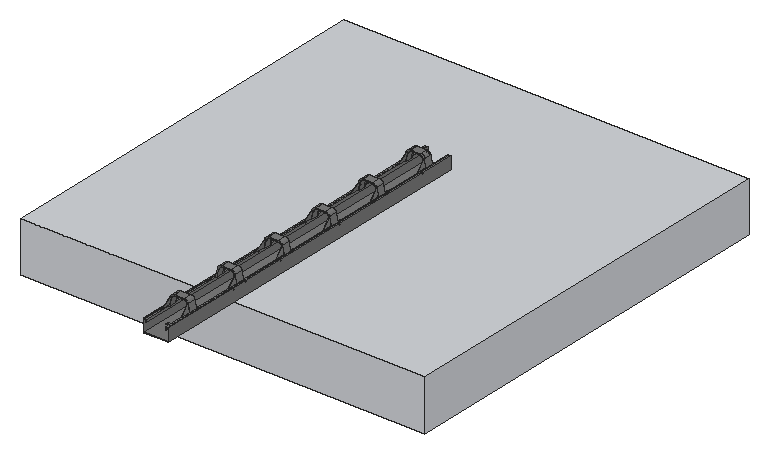
Revit family
Parameters
  Weight = 19.00 lbf
  U/M = "EA"
  U Space = "N/A"
  System = "Racks, Cable Mgt & RouteIT"
  Serial Number = "RS-CNL3"
  Segment = "CSS"
  Ports = "0"
  Model = "CABLE RACK"
  Metal = none
  Manufacturer = "SIEMON"
  Loaded/Empty = "N/A"
  Item Group = "RACKS"
  Item Class = "1A"
  Description = "RS RACK VERTICAL CABLE MANAGER 3IN DEEP,W/5 RS-CNL-MGRS,BLACK"
  Default Elevation = 4' - 0"
  Color = "Black"
Reference planes (in)
  plane 1 "Center (Front/Back)": y = 0
  plane 2: z = 0
  plane 3 "Center (Left/Right)": x = 0
Forms (in)
  Extrusion 1, solid
    sketch origin (0, 0, 0) x (1, 0, 0) y (0, 1, 0)
      loop
        line (-48, 48) -> (-48, -48) -> (48, -48) -> (48, 48) -> (-48, 48)
    from 0 to -12
Dimensions and locks (in)
  aligned and locked: plane 2 to Extrusion 1
  aligned and locked: level to Extrusion 1
Nested families (in)
  nested 1: "RS-CNL3[1]" at (0.24646, -22.88405, 0), type "RS-CNL3[1]"
Definition of nested family "RS-CNL3[1]"
  Parameters (values of type "RS-CNL3[1]")
    Weight = "8.6 kgs (19 lbs)"
    UL Rating = "UL 1863"
    Text = text
    Part Number = "RS-CNL3"
    Material = Aluminum w/plastic retainers
    Manufacturer Contact Info / Website = "www.siemon.com"
    Manufacturer = "Siemon"
    Dimensions (H x W x D) = "2.1m x 152m x 149mm\r\n(7.0 ft. x 6.0 in. x 5.85 in.)"
    Description = "6\" Vertical Cable Manager"
    Clearance = "152mm (6.0 in.) Front"
    Assembly Code = ""
  Reference planes (in)
    plane 1 "Center (Front/Back)": y = 22.88405
    plane 2: z = 0.14225
    plane 3 "Center (Left/Right)": x = -0.24646
  Forms (in)
    Extrusion 1, solid, material "Aluminum w/plastic retainers" <- "Material"
      sketch origin (-0.29666, -44.675, 0.14225) x (1, 0, 0) y (0, 0, -1)
        loop
          line (-2.9, -2.9) -> (-2.9, -0.1) -> (2.9, -0.1) -> (2.9, -2.9) -> (2.4, -2.9) -> (2.4, -2.5) -> (2.3, -2.5) -> (2.3, -3) -> (3, -3) -> (3, 0) -> (-3, 0) -> (-3, -3) -> (-2.3, -3) -> (-2.3, -2.5) -> (-2.4, -2.5) -> (-2.4, -2.9) -> (-2.9, -2.9)
      from 0 to 83.5
    Sweep 2, solid, material "Aluminum w/plastic retainers" <- "Material"
      path origin (-0.29666, -44.675, 0.14225) x (1, 0, 0) y (0, 0, -1)
        loop
          line (2.175, -2.975) -> (1.84346, -4.85524)
          arc (1.84346, -4.85524) -> (1.58695, -5.29953) -> (1.10486, -5.475) r 0.75
          line (1.10486, -5.475) -> (-1.10486, -5.475)
          arc (-1.10486, -5.475) -> (-1.58695, -5.29953) -> (-1.84346, -4.85524) r 0.75
          line (-1.84346, -4.85524) -> (-2.175, -2.975)
      profile origin (-0.29666, -44.675, 5.61725) x (0, 0, 1) y (0, 1, 0)
        loop
          line (0, 8.525) -> (0, 6.925)
          arc (0, 6.925) -> (0.05858, 6.78358) -> (0.2, 6.725) r 0.2
          line (0.2, 6.725) -> (0.2, 8.725)
          arc (0.2, 8.725) -> (0.05858, 8.66642) -> (0, 8.525) r 0.2
    Extrusion 3, solid, material "Aluminum w/plastic retainers" <- "Material"
      sketch origin (-0.29666, -44.675, 0.14225) x (1, 0, 0) y (0, 0, -1)
        loop
          arc (-2.67315, -2.55786) -> (-2.70873, -2.56386) -> (-2.725, -2.59606) r 0.04
          line (-2.725, -2.59606) -> (-2.725, -2.85394)
          arc (-2.725, -2.85394) -> (-2.70873, -2.88614) -> (-2.67315, -2.89214) r 0.04
          arc (-2.67315, -2.89214) -> (-2.55, -2.725) -> (-2.67315, -2.55786) r 0.175
        loop
          arc (2.67315, -2.55786) -> (2.55, -2.725) -> (2.67315, -2.89214) r 0.175
          arc (2.67315, -2.89214) -> (2.70873, -2.88614) -> (2.725, -2.85394) r 0.04
          line (2.725, -2.85394) -> (2.725, -2.59606)
          arc (2.725, -2.59606) -> (2.70873, -2.56386) -> (2.67315, -2.55786) r 0.04
      from 4.5 to 5.5
    Extrusion 4, solid, material "Aluminum w/plastic retainers" <- "Material"
      sketch origin (2.5384, -44.675, 0.10619) x (0.173648, 0, -0.984808) y (0, 1, 0)
        loop
          line (-4.65717, 6.46484) -> (-3.23172, 4.78025)
          arc (-3.23172, 4.78025) -> (-3.21297, 4.77529) -> (-3.20186, 4.79119) r 0.01693
          line (-3.20186, 4.79119) -> (-3.20186, 6.64024)
          arc (-3.20186, 6.64024) -> (-3.22668, 6.70018) -> (-3.28662, 6.725) r 0.08476
          line (-3.28662, 6.725) -> (-5.18692, 6.725)
          arc (-5.18692, 6.725) -> (-4.89486, 6.65027) -> (-4.65717, 6.46484) r 0.73689
      from 0 to 0.12283
    Extrusion 5, solid, material "Aluminum w/plastic retainers" <- "Material"
      sketch origin (-3.13172, -44.675, 0.10619) x (-0.173648, 0, -0.984808) y (0, -1, 0)
        loop
          arc (-4.65717, -6.46484) -> (-4.89486, -6.65027) -> (-5.18692, -6.725) r 0.73689
          line (-5.18692, -6.725) -> (-3.28662, -6.725)
          arc (-3.28662, -6.725) -> (-3.22668, -6.70018) -> (-3.20186, -6.64024) r 0.08476
          line (-3.20186, -6.64024) -> (-3.20186, -4.79119)
          arc (-3.20186, -4.79119) -> (-3.21297, -4.77529) -> (-3.23172, -4.78025) r 0.01693
          line (-3.23172, -4.78025) -> (-4.65717, -6.46484)
      from 0 to 0.12283
    Extrusion 6, solid, material "Aluminum w/plastic retainers" <- "Material"
      sketch origin (-0.29666, -41.175, 0.14225) x (1, 0, 0) y (0, 0, -1)
        loop
          arc (-2.67315, -2.55786) -> (-2.70873, -2.56386) -> (-2.725, -2.59606) r 0.04
          line (-2.725, -2.59606) -> (-2.725, -2.85394)
          arc (-2.725, -2.85394) -> (-2.70873, -2.88614) -> (-2.67315, -2.89214) r 0.04
          arc (-2.67315, -2.89214) -> (-2.55, -2.725) -> (-2.67315, -2.55786) r 0.175
        loop
          arc (2.67315, -2.55786) -> (2.55, -2.725) -> (2.67315, -2.89214) r 0.175
          arc (2.67315, -2.89214) -> (2.70873, -2.88614) -> (2.725, -2.85394) r 0.04
          line (2.725, -2.85394) -> (2.725, -2.59606)
          arc (2.725, -2.59606) -> (2.70873, -2.56386) -> (2.67315, -2.55786) r 0.04
      from 4.5 to 5.5
    Sweep 7, solid, material "Aluminum w/plastic retainers" <- "Material"
      path origin (-0.29666, -30.675, 0.14225) x (1, 0, 0) y (0, 0, -1)
        loop
          line (2.175, -2.975) -> (1.84346, -4.85524)
          arc (1.84346, -4.85524) -> (1.58695, -5.29953) -> (1.10486, -5.475) r 0.75
          line (1.10486, -5.475) -> (-1.10486, -5.475)
          arc (-1.10486, -5.475) -> (-1.58695, -5.29953) -> (-1.84346, -4.85524) r 0.75
          line (-1.84346, -4.85524) -> (-2.175, -2.975)
      profile origin (-0.29666, -30.675, 5.61725) x (0, 0, 1) y (0, 1, 0)
        loop
          line (0, 8.525) -> (0, 6.925)
          arc (0, 6.925) -> (0.05858, 6.78358) -> (0.2, 6.725) r 0.2
          line (0.2, 6.725) -> (0.2, 8.725)
          arc (0.2, 8.725) -> (0.05858, 8.66642) -> (0, 8.525) r 0.2
    Extrusion 8, solid, material "Aluminum w/plastic retainers" <- "Material"
      sketch origin (-0.29666, -30.675, 0.14225) x (1, 0, 0) y (0, 0, -1)
        loop
          arc (-2.67315, -2.55786) -> (-2.70873, -2.56386) -> (-2.725, -2.59606) r 0.04
          line (-2.725, -2.59606) -> (-2.725, -2.85394)
          arc (-2.725, -2.85394) -> (-2.70873, -2.88614) -> (-2.67315, -2.89214) r 0.04
          arc (-2.67315, -2.89214) -> (-2.55, -2.725) -> (-2.67315, -2.55786) r 0.175
        loop
          arc (2.67315, -2.55786) -> (2.55, -2.725) -> (2.67315, -2.89214) r 0.175
          arc (2.67315, -2.89214) -> (2.70873, -2.88614) -> (2.725, -2.85394) r 0.04
          line (2.725, -2.85394) -> (2.725, -2.59606)
          arc (2.725, -2.59606) -> (2.70873, -2.56386) -> (2.67315, -2.55786) r 0.04
      from 4.5 to 5.5
    Extrusion 9, solid, material "Aluminum w/plastic retainers" <- "Material"
      sketch origin (2.5384, -30.675, 0.10619) x (0.173648, 0, -0.984808) y (0, 1, 0)
        loop
          line (-4.65717, 6.46484) -> (-3.23172, 4.78025)
          arc (-3.23172, 4.78025) -> (-3.21297, 4.77529) -> (-3.20186, 4.79119) r 0.01693
          line (-3.20186, 4.79119) -> (-3.20186, 6.64024)
          arc (-3.20186, 6.64024) -> (-3.22668, 6.70018) -> (-3.28662, 6.725) r 0.08476
          line (-3.28662, 6.725) -> (-5.18692, 6.725)
          arc (-5.18692, 6.725) -> (-4.89486, 6.65027) -> (-4.65717, 6.46484) r 0.73689
      from 0 to 0.12283
    Extrusion 10, solid, material "Aluminum w/plastic retainers" <- "Material"
      sketch origin (-0.29666, -27.175, 0.14225) x (1, 0, 0) y (0, 0, -1)
        loop
          arc (-2.67315, -2.55786) -> (-2.70873, -2.56386) -> (-2.725, -2.59606) r 0.04
          line (-2.725, -2.59606) -> (-2.725, -2.85394)
          arc (-2.725, -2.85394) -> (-2.70873, -2.88614) -> (-2.67315, -2.89214) r 0.04
          arc (-2.67315, -2.89214) -> (-2.55, -2.725) -> (-2.67315, -2.55786) r 0.175
        loop
          arc (2.67315, -2.55786) -> (2.55, -2.725) -> (2.67315, -2.89214) r 0.175
          arc (2.67315, -2.89214) -> (2.70873, -2.88614) -> (2.725, -2.85394) r 0.04
          line (2.725, -2.85394) -> (2.725, -2.59606)
          arc (2.725, -2.59606) -> (2.70873, -2.56386) -> (2.67315, -2.55786) r 0.04
      from 4.5 to 5.5
    Sweep 11, solid, material "Aluminum w/plastic retainers" <- "Material"
      path origin (-0.29666, -16.675, 0.14225) x (1, 0, 0) y (0, 0, -1)
        loop
          line (2.175, -2.975) -> (1.84346, -4.85524)
          arc (1.84346, -4.85524) -> (1.58695, -5.29953) -> (1.10486, -5.475) r 0.75
          line (1.10486, -5.475) -> (-1.10486, -5.475)
          arc (-1.10486, -5.475) -> (-1.58695, -5.29953) -> (-1.84346, -4.85524) r 0.75
          line (-1.84346, -4.85524) -> (-2.175, -2.975)
      profile origin (-0.29666, -16.675, 5.61725) x (0, 0, 1) y (0, 1, 0)
        loop
          line (0, 8.525) -> (0, 6.925)
          arc (0, 6.925) -> (0.05858, 6.78358) -> (0.2, 6.725) r 0.2
          line (0.2, 6.725) -> (0.2, 8.725)
          arc (0.2, 8.725) -> (0.05858, 8.66642) -> (0, 8.525) r 0.2
    Extrusion 12, solid, material "Aluminum w/plastic retainers" <- "Material"
      sketch origin (-0.29666, -16.675, 0.14225) x (1, 0, 0) y (0, 0, -1)
        loop
          arc (-2.67315, -2.55786) -> (-2.70873, -2.56386) -> (-2.725, -2.59606) r 0.04
          line (-2.725, -2.59606) -> (-2.725, -2.85394)
          arc (-2.725, -2.85394) -> (-2.70873, -2.88614) -> (-2.67315, -2.89214) r 0.04
          arc (-2.67315, -2.89214) -> (-2.55, -2.725) -> (-2.67315, -2.55786) r 0.175
        loop
          arc (2.67315, -2.55786) -> (2.55, -2.725) -> (2.67315, -2.89214) r 0.175
          arc (2.67315, -2.89214) -> (2.70873, -2.88614) -> (2.725, -2.85394) r 0.04
          line (2.725, -2.85394) -> (2.725, -2.59606)
          arc (2.725, -2.59606) -> (2.70873, -2.56386) -> (2.67315, -2.55786) r 0.04
      from 4.5 to 5.5
    Extrusion 13, solid, material "Aluminum w/plastic retainers" <- "Material"
      sketch origin (2.5384, -16.675, 0.10619) x (0.173648, 0, -0.984808) y (0, 1, 0)
        loop
          line (-4.65717, 6.46484) -> (-3.23172, 4.78025)
          arc (-3.23172, 4.78025) -> (-3.21297, 4.77529) -> (-3.20186, 4.79119) r 0.01693
          line (-3.20186, 4.79119) -> (-3.20186, 6.64024)
          arc (-3.20186, 6.64024) -> (-3.22668, 6.70018) -> (-3.28662, 6.725) r 0.08476
          line (-3.28662, 6.725) -> (-5.18692, 6.725)
          arc (-5.18692, 6.725) -> (-4.89486, 6.65027) -> (-4.65717, 6.46484) r 0.73689
      from 0 to 0.12283
    Extrusion 14, solid, material "Aluminum w/plastic retainers" <- "Material"
      sketch origin (-3.13172, -16.675, 0.10619) x (-0.173648, 0, -0.984808) y (0, -1, 0)
        loop
          arc (-4.65717, -6.46484) -> (-4.89486, -6.65027) -> (-5.18692, -6.725) r 0.73689
          line (-5.18692, -6.725) -> (-3.28662, -6.725)
          arc (-3.28662, -6.725) -> (-3.22668, -6.70018) -> (-3.20186, -6.64024) r 0.08476
          line (-3.20186, -6.64024) -> (-3.20186, -4.79119)
          arc (-3.20186, -4.79119) -> (-3.21297, -4.77529) -> (-3.23172, -4.78025) r 0.01693
          line (-3.23172, -4.78025) -> (-4.65717, -6.46484)
      from 0 to 0.12283
    Extrusion 15, solid, material "Aluminum w/plastic retainers" <- "Material"
      sketch origin (-0.29666, -13.175, 0.14225) x (1, 0, 0) y (0, 0, -1)
        loop
          arc (-2.67315, -2.55786) -> (-2.70873, -2.56386) -> (-2.725, -2.59606) r 0.04
          line (-2.725, -2.59606) -> (-2.725, -2.85394)
          arc (-2.725, -2.85394) -> (-2.70873, -2.88614) -> (-2.67315, -2.89214) r 0.04
          arc (-2.67315, -2.89214) -> (-2.55, -2.725) -> (-2.67315, -2.55786) r 0.175
        loop
          arc (2.67315, -2.55786) -> (2.55, -2.725) -> (2.67315, -2.89214) r 0.175
          arc (2.67315, -2.89214) -> (2.70873, -2.88614) -> (2.725, -2.85394) r 0.04
          line (2.725, -2.85394) -> (2.725, -2.59606)
          arc (2.725, -2.59606) -> (2.70873, -2.56386) -> (2.67315, -2.55786) r 0.04
      from 4.5 to 5.5
    Sweep 16, solid, material "Aluminum w/plastic retainers" <- "Material"
      path origin (-0.29666, -2.675, 0.14225) x (1, 0, 0) y (0, 0, -1)
        loop
          line (2.175, -2.975) -> (1.84346, -4.85524)
          arc (1.84346, -4.85524) -> (1.58695, -5.29953) -> (1.10486, -5.475) r 0.75
          line (1.10486, -5.475) -> (-1.10486, -5.475)
          arc (-1.10486, -5.475) -> (-1.58695, -5.29953) -> (-1.84346, -4.85524) r 0.75
          line (-1.84346, -4.85524) -> (-2.175, -2.975)
      profile origin (-0.29666, -2.675, 5.61725) x (0, 0, 1) y (0, 1, 0)
        loop
          line (0, 8.525) -> (0, 6.925)
          arc (0, 6.925) -> (0.05858, 6.78358) -> (0.2, 6.725) r 0.2
          line (0.2, 6.725) -> (0.2, 8.725)
          arc (0.2, 8.725) -> (0.05858, 8.66642) -> (0, 8.525) r 0.2
    Extrusion 17, solid, material "Aluminum w/plastic retainers" <- "Material"
      sketch origin (-0.29666, -2.675, 0.14225) x (1, 0, 0) y (0, 0, -1)
        loop
          arc (-2.67315, -2.55786) -> (-2.70873, -2.56386) -> (-2.725, -2.59606) r 0.04
          line (-2.725, -2.59606) -> (-2.725, -2.85394)
          arc (-2.725, -2.85394) -> (-2.70873, -2.88614) -> (-2.67315, -2.89214) r 0.04
          arc (-2.67315, -2.89214) -> (-2.55, -2.725) -> (-2.67315, -2.55786) r 0.175
        loop
          arc (2.67315, -2.55786) -> (2.55, -2.725) -> (2.67315, -2.89214) r 0.175
          arc (2.67315, -2.89214) -> (2.70873, -2.88614) -> (2.725, -2.85394) r 0.04
          line (2.725, -2.85394) -> (2.725, -2.59606)
          arc (2.725, -2.59606) -> (2.70873, -2.56386) -> (2.67315, -2.55786) r 0.04
      from 4.5 to 5.5
    Extrusion 18, solid, material "Aluminum w/plastic retainers" <- "Material"
      sketch origin (2.5384, -2.675, 0.10619) x (0.173648, 0, -0.984808) y (0, 1, 0)
        loop
          line (-4.65717, 6.46484) -> (-3.23172, 4.78025)
          arc (-3.23172, 4.78025) -> (-3.21297, 4.77529) -> (-3.20186, 4.79119) r 0.01693
          line (-3.20186, 4.79119) -> (-3.20186, 6.64024)
          arc (-3.20186, 6.64024) -> (-3.22668, 6.70018) -> (-3.28662, 6.725) r 0.08476
          line (-3.28662, 6.725) -> (-5.18692, 6.725)
          arc (-5.18692, 6.725) -> (-4.89486, 6.65027) -> (-4.65717, 6.46484) r 0.73689
      from 0 to 0.12283
    Extrusion 19, solid, material "Aluminum w/plastic retainers" <- "Material"
      sketch origin (-3.13172, -2.675, 0.10619) x (-0.173648, 0, -0.984808) y (0, -1, 0)
        loop
          arc (-4.65717, -6.46484) -> (-4.89486, -6.65027) -> (-5.18692, -6.725) r 0.73689
          line (-5.18692, -6.725) -> (-3.28662, -6.725)
          arc (-3.28662, -6.725) -> (-3.22668, -6.70018) -> (-3.20186, -6.64024) r 0.08476
          line (-3.20186, -6.64024) -> (-3.20186, -4.79119)
          arc (-3.20186, -4.79119) -> (-3.21297, -4.77529) -> (-3.23172, -4.78025) r 0.01693
          line (-3.23172, -4.78025) -> (-4.65717, -6.46484)
      from 0 to 0.12283
    Extrusion 20, solid, material "Aluminum w/plastic retainers" <- "Material"
      sketch origin (-0.29666, 0.825, 0.14225) x (1, 0, 0) y (0, 0, -1)
        loop
          arc (-2.67315, -2.55786) -> (-2.70873, -2.56386) -> (-2.725, -2.59606) r 0.04
          line (-2.725, -2.59606) -> (-2.725, -2.85394)
          arc (-2.725, -2.85394) -> (-2.70873, -2.88614) -> (-2.67315, -2.89214) r 0.04
          arc (-2.67315, -2.89214) -> (-2.55, -2.725) -> (-2.67315, -2.55786) r 0.175
        loop
          arc (2.67315, -2.55786) -> (2.55, -2.725) -> (2.67315, -2.89214) r 0.175
          arc (2.67315, -2.89214) -> (2.70873, -2.88614) -> (2.725, -2.85394) r 0.04
          line (2.725, -2.85394) -> (2.725, -2.59606)
          arc (2.725, -2.59606) -> (2.70873, -2.56386) -> (2.67315, -2.55786) r 0.04
      from 4.5 to 5.5
    Sweep 21, solid, material "Aluminum w/plastic retainers" <- "Material"
      path origin (-0.29666, 11.325, 0.14225) x (1, 0, 0) y (0, 0, -1)
        loop
          line (2.175, -2.975) -> (1.84346, -4.85524)
          arc (1.84346, -4.85524) -> (1.58695, -5.29953) -> (1.10486, -5.475) r 0.75
          line (1.10486, -5.475) -> (-1.10486, -5.475)
          arc (-1.10486, -5.475) -> (-1.58695, -5.29953) -> (-1.84346, -4.85524) r 0.75
          line (-1.84346, -4.85524) -> (-2.175, -2.975)
      profile origin (-0.29666, 11.325, 5.61725) x (0, 0, 1) y (0, 1, 0)
        loop
          line (0, 8.525) -> (0, 6.925)
          arc (0, 6.925) -> (0.05858, 6.78358) -> (0.2, 6.725) r 0.2
          line (0.2, 6.725) -> (0.2, 8.725)
          arc (0.2, 8.725) -> (0.05858, 8.66642) -> (0, 8.525) r 0.2
    Extrusion 22, solid, material "Aluminum w/plastic retainers" <- "Material"
      sketch origin (-0.29666, 11.325, 0.14225) x (1, 0, 0) y (0, 0, -1)
        loop
          arc (-2.67315, -2.55786) -> (-2.70873, -2.56386) -> (-2.725, -2.59606) r 0.04
          line (-2.725, -2.59606) -> (-2.725, -2.85394)
          arc (-2.725, -2.85394) -> (-2.70873, -2.88614) -> (-2.67315, -2.89214) r 0.04
          arc (-2.67315, -2.89214) -> (-2.55, -2.725) -> (-2.67315, -2.55786) r 0.175
        loop
          arc (2.67315, -2.55786) -> (2.55, -2.725) -> (2.67315, -2.89214) r 0.175
          arc (2.67315, -2.89214) -> (2.70873, -2.88614) -> (2.725, -2.85394) r 0.04
          line (2.725, -2.85394) -> (2.725, -2.59606)
          arc (2.725, -2.59606) -> (2.70873, -2.56386) -> (2.67315, -2.55786) r 0.04
      from 4.5 to 5.5
    Extrusion 23, solid, material "Aluminum w/plastic retainers" <- "Material"
      sketch origin (2.5384, 11.325, 0.10619) x (0.173648, 0, -0.984808) y (0, 1, 0)
        loop
          line (-4.65717, 6.46484) -> (-3.23172, 4.78025)
          arc (-3.23172, 4.78025) -> (-3.21297, 4.77529) -> (-3.20186, 4.79119) r 0.01693
          line (-3.20186, 4.79119) -> (-3.20186, 6.64024)
          arc (-3.20186, 6.64024) -> (-3.22668, 6.70018) -> (-3.28662, 6.725) r 0.08476
          line (-3.28662, 6.725) -> (-5.18692, 6.725)
          arc (-5.18692, 6.725) -> (-4.89486, 6.65027) -> (-4.65717, 6.46484) r 0.73689
      from 0 to 0.12283
    Extrusion 24, solid, material "Aluminum w/plastic retainers" <- "Material"
      sketch origin (-3.13172, 11.325, 0.10619) x (-0.173648, 0, -0.984808) y (0, -1, 0)
        loop
          arc (-4.65717, -6.46484) -> (-4.89486, -6.65027) -> (-5.18692, -6.725) r 0.73689
          line (-5.18692, -6.725) -> (-3.28662, -6.725)
          arc (-3.28662, -6.725) -> (-3.22668, -6.70018) -> (-3.20186, -6.64024) r 0.08476
          line (-3.20186, -6.64024) -> (-3.20186, -4.79119)
          arc (-3.20186, -4.79119) -> (-3.21297, -4.77529) -> (-3.23172, -4.78025) r 0.01693
          line (-3.23172, -4.78025) -> (-4.65717, -6.46484)
      from 0 to 0.12283
    Extrusion 25, solid, material "Aluminum w/plastic retainers" <- "Material"
      sketch origin (-0.29666, 14.825, 0.14225) x (1, 0, 0) y (0, 0, -1)
        loop
          arc (-2.67315, -2.55786) -> (-2.70873, -2.56386) -> (-2.725, -2.59606) r 0.04
          line (-2.725, -2.59606) -> (-2.725, -2.85394)
          arc (-2.725, -2.85394) -> (-2.70873, -2.88614) -> (-2.67315, -2.89214) r 0.04
          arc (-2.67315, -2.89214) -> (-2.55, -2.725) -> (-2.67315, -2.55786) r 0.175
        loop
          arc (2.67315, -2.55786) -> (2.55, -2.725) -> (2.67315, -2.89214) r 0.175
          arc (2.67315, -2.89214) -> (2.70873, -2.88614) -> (2.725, -2.85394) r 0.04
          line (2.725, -2.85394) -> (2.725, -2.59606)
          arc (2.725, -2.59606) -> (2.70873, -2.56386) -> (2.67315, -2.55786) r 0.04
      from 4.5 to 5.5
    Sweep 26, solid, material "Aluminum w/plastic retainers" <- "Material"
      path origin (-0.29666, 25.325, 0.14225) x (1, 0, 0) y (0, 0, -1)
        loop
          line (2.175, -2.975) -> (1.84346, -4.85524)
          arc (1.84346, -4.85524) -> (1.58695, -5.29953) -> (1.10486, -5.475) r 0.75
          line (1.10486, -5.475) -> (-1.10486, -5.475)
          arc (-1.10486, -5.475) -> (-1.58695, -5.29953) -> (-1.84346, -4.85524) r 0.75
          line (-1.84346, -4.85524) -> (-2.175, -2.975)
      profile origin (-0.29666, 25.325, 5.61725) x (0, 0, 1) y (0, 1, 0)
        loop
          line (0, 8.525) -> (0, 6.925)
          arc (0, 6.925) -> (0.05858, 6.78358) -> (0.2, 6.725) r 0.2
          line (0.2, 6.725) -> (0.2, 7.00904) -> (0.2, 8.44096) -> (0.2, 8.725)
          arc (0.2, 8.725) -> (0.05858, 8.66642) -> (0, 8.525) r 0.2
    Extrusion 27, solid, material "Aluminum w/plastic retainers" <- "Material"
      sketch origin (-0.29666, 25.325, 0.14225) x (1, 0, 0) y (0, 0, -1)
        loop
          arc (-2.67315, -2.55786) -> (-2.70873, -2.56386) -> (-2.725, -2.59606) r 0.04
          line (-2.725, -2.59606) -> (-2.725, -2.85394)
          arc (-2.725, -2.85394) -> (-2.70873, -2.88614) -> (-2.67315, -2.89214) r 0.04
          arc (-2.67315, -2.89214) -> (-2.55, -2.725) -> (-2.67315, -2.55786) r 0.175
        loop
          arc (2.67315, -2.55786) -> (2.55, -2.725) -> (2.67315, -2.89214) r 0.175
          arc (2.67315, -2.89214) -> (2.70873, -2.88614) -> (2.725, -2.85394) r 0.04
          line (2.725, -2.85394) -> (2.725, -2.59606)
          arc (2.725, -2.59606) -> (2.70873, -2.56386) -> (2.67315, -2.55786) r 0.04
      from 4.5 to 5.5
    Extrusion 28, solid, material "Aluminum w/plastic retainers" <- "Material"
      sketch origin (2.5384, 25.325, 0.10619) x (0.173648, 0, -0.984808) y (0, 1, 0)
        loop
          line (-4.65717, 6.46484) -> (-3.23172, 4.78025)
          arc (-3.23172, 4.78025) -> (-3.21297, 4.77529) -> (-3.20186, 4.79119) r 0.01693
          line (-3.20186, 4.79119) -> (-3.20186, 6.64024)
          arc (-3.20186, 6.64024) -> (-3.22668, 6.70018) -> (-3.28662, 6.725) r 0.08476
          line (-3.28662, 6.725) -> (-5.18692, 6.725)
          arc (-5.18692, 6.725) -> (-4.89486, 6.65027) -> (-4.65717, 6.46484) r 0.73689
      from 0 to 0.12283
    Extrusion 29, solid, material "Aluminum w/plastic retainers" <- "Material"
      sketch origin (-3.13172, 25.325, 0.10619) x (-0.173648, 0, -0.984808) y (0, -1, 0)
        loop
          arc (-4.65717, -6.46484) -> (-4.89486, -6.65027) -> (-5.18692, -6.725) r 0.73689
          line (-5.18692, -6.725) -> (-3.28662, -6.725)
          arc (-3.28662, -6.725) -> (-3.22668, -6.70018) -> (-3.20186, -6.64024) r 0.08476
          line (-3.20186, -6.64024) -> (-3.20186, -4.79119)
          arc (-3.20186, -4.79119) -> (-3.21297, -4.77529) -> (-3.23172, -4.78025) r 0.01693
          line (-3.23172, -4.78025) -> (-4.65717, -6.46484)
      from 0 to 0.12283
    Extrusion 30, void
      sketch origin (-0.29666, -44.675, 3.14225) x (1, 0, 0) y (0, 1, 0)
        loop
          arc (-1.375, 67.575) -> (-1.5, 67.7) -> (-1.625, 67.575) r 0.125
          line (-1.625, 67.575) -> (-1.625, 67.36651)
          arc (-1.625, 67.36651) -> (-1.5, 66.9) -> (-1.375, 67.36651) r 0.25
          line (-1.375, 67.36651) -> (-1.375, 67.575)
        loop
          arc (1.625, 67.575) -> (1.5, 67.7) -> (1.375, 67.575) r 0.125
          line (1.375, 67.575) -> (1.375, 67.36651)
          arc (1.375, 67.36651) -> (1.5, 66.9) -> (1.625, 67.36651) r 0.25
          line (1.625, 67.36651) -> (1.625, 67.575)
        loop
          arc (-1.375, 5.425) -> (-1.5, 5.55) -> (-1.625, 5.425) r 0.125
          line (-1.625, 5.425) -> (-1.625, 5.21651)
          arc (-1.625, 5.21651) -> (-1.5, 4.75) -> (-1.375, 5.21651) r 0.25
          line (-1.375, 5.21651) -> (-1.375, 5.425)
        loop
          arc (1.625, 5.425) -> (1.5, 5.55) -> (1.375, 5.425) r 0.125
          line (1.375, 5.425) -> (1.375, 5.21651)
          arc (1.375, 5.21651) -> (1.5, 4.75) -> (1.625, 5.21651) r 0.25
          line (1.625, 5.21651) -> (1.625, 5.425)
        loop
          circle (0, 13.75) r 0.995
        loop
          circle (0, 27.75) r 0.995
        loop
          circle (0, 41.75) r 0.995
        loop
          circle (0, 55.75) r 0.995
        loop
          circle (0, 69.75) r 0.995
      from -3 to -2.7875
  Cuts and joins
    Extrusion 30 cuts Extrusion 1
    joined: Sweep 2, Extrusion 4
